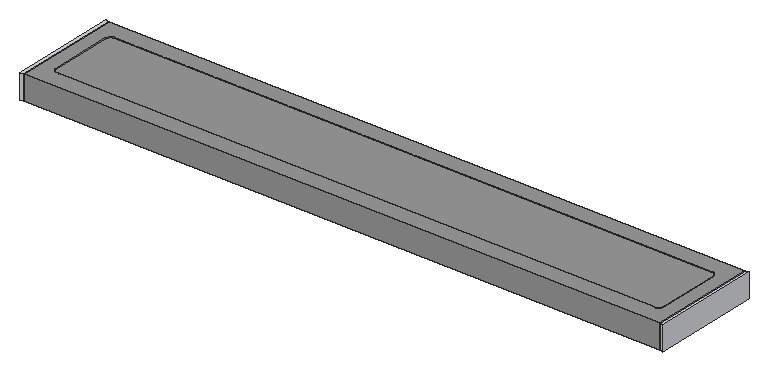
Revit family "0044078 Sylvania Lighting Fixture OPTIX S 1200 MPO D HO 4000K D+EM WHITE", category Lighting Fixtures, host Face, Revit 2016
Family settings
  Host = Face
  Part Type = Normal
  Round Connector Dimension = Use Diameter
  OmniClass Number = 23.80.70.00
  OmniClass Title = Lighting
  Cut with Voids When Loaded = No
  Light Source = Yes
  Shared = No
  Room Calculation Point = No
Parameters (values of type "0044078 OPTIX S 1200 MPO D HO 4K D+EM WHITE")
  spacer height = 5 mm
  spacer centres = 1000 mm
  lens width = 1135 mm
  full length = 1200 mm
  Width = 200 mm
  Weight = "n/a"
  Wattage Comments = ""
  Wattage = 9.2903 W
  WarrantyStartDate [instance] = "n/a"
  WarrantyGuarantorParts = "n/a"
  WarrantyDurationUnit = "n/a"
  WarrantyDurationParts = ""
  WarrantyDescription = "http://www.sylvania-lighting.com"
  built-in parameter 1150110 = 1 (stored number, unit not read)
  Voltage = 0 V
  URL = "0.98"
  TypeName = "OPTIX S 1200 MPO D HO 4000K D+EM WHITE"
  Type Image = <None>
  Type Comments = "n/a"
  built-in parameter 1114217 = 1 (stored number, unit not read)
  Tilt Angle = 90.00°
  built-in parameter 1150109 = 1 (stored number, unit not read)
  built-in parameter 1150134 = 3
  built-in parameter 1150113 = 1 (stored number, unit not read)
  SerialNumber [instance] = "n/a"
  Photometric Web File = "0044078.ies"
  Material_3_FEILO = none
  PowerFactor = 0
  PowerConsumption = "Lighting"
  NominalLength = 200 mm
  NominalHeight = 0 mm
  NominalDepth = 0 mm
  Name = "OPTIX S 1200 MPO D HO 4000K D+EM WHITE"
  ModelReference = Name  # "OPTIX S 1200 MPO D HO 4000K D+EM WHITE"
  ModelNumber = "0044078"
  Model = Name  # "OPTIX S 1200 MPO D HO 4000K D+EM WHITE"
  Material = "Feilo Sylvania"
  ManufacturerName = "107 lm/W"
  Manufacturer = ""
  LuminousEfficacy = ""
  built-in parameter 1150105 = 109.82 (stored number, unit not read)
  Lumens = 1380 lm
  LuminaireType = "0"
  built-in parameter 1150115 = 1 (stored number, unit not read)
  LightOutputRatio = "LED"
  built-in parameter 1150137 = (empty or 0)
  built-in parameter 1150139 = (empty or 0)
  Lens Width = 135 mm
  Length = 1188 mm
  LampsType = Lamp  # "n/a"
  LampNominalLuminous = "4000 K"
  LampMacAdamStep = "80"
  LampColourTemperature = "LED"
  LampColourRenderingIndex = "16500"
  built-in parameter 1150112 = 1 (stored number, unit not read)
  built-in parameter 1150114 = 1 (stored number, unit not read)
  Lamp = "n/a"
  Keynote = "n/a"
  InstallationDate [instance] = "n/a"
  InputVoltage = "0"
  InputNominalFrequency = "4000"
  built-in parameter 1150132 = (empty or 0)
  built-in parameter 1150102 = (empty or 0)
  built-in parameter 1150107 = 3200 (stored number, unit not read)
  built-in parameter 1150138 = (empty or 0)
  IngressProtection = "IfcLightFixtureType"
  ImpactProtectionIndex = "IfcLightFixtureType"
  built-in parameter 1150106 = 1.0982 (stored number, unit not read)
  IfcExportType = "IfcLightFixtureType"
  IfcExportAs = "Class I"
  Height = 50 mm
  ExpectedLife = 50000
  Emit from Circle Diameter = 609.6 mm
  Emit Shape Visible in Rendering = no
  ElectricShockClassification = "107"
  built-in parameter 1150104 = 13.8 (stored number, unit not read)
  DurationUnit = "hours"
  DocumentationLiterature = "http://www.sylvania-lighting.com/product/en-int/products/0044078"
  DimmingControlOptions = "n/a"
  Material_2_FEILO = none
  Dimming Lamp Color Temperature Shift = <None>
  Description = "OPTIX S 1200 MPO D HO 4K D+EM WHITE is a high efficacy low glare surface or suspended LED Linear luminaire with Micro Prismatic Optic, with direct light distribution, luminaire dimensions: 1200x200x50mm, Sylvania White body colour (RAL9016), IP20, IK07, DALI Dimmable, 3hr maintained emergency version, low LED flicker (+/-5%), Neutral White (4000K) LED Colour Temperature, 3550lm luminous flux, 33W power consumption, 107lm/W system efficacy, CRI>80, SDCM 3 (3-step MacAdam ellipse) LED Colour Consistency, UGR<20, Luminance at 65° < 3000 cd/m2, lumen maintenance: L90B50 at 60000h, photobiological safety risk group 1. Electrical protection Class I."
  Default Elevation = 1219.2 mm
  CreatedOn = "20/10/2020"
  CreatedBy = "@sylvania-lighting.com"
  Cost = 0
  Color Filter = 16777215
  built-in parameter 1114216 [instance] = (empty or 0)
  ClassificationValue = "EF_70_80"
  ClassificationName = "Uniclass2015"
  Material_1_FEILO = none
  BarCode [instance] = "n/a"
  built-in parameter 1114218 = 1 (stored number, unit not read)
  built-in parameter 1150133 = 10 (stored number, unit not read)
  AssetType = "Fixed"
  AssetIdentifier [instance] = "n/a"
  Assembly Code = "D5020200"
  Apparent Load = 33 VA
  Material_4_FEILO = none
Reference planes
  plane 1 "Center (Front/Back)": y = 0
  plane 2: z = 0
  plane 3 "Center (Left/Right)": x = 0
  plane 4: z = 0
  plane 5: z = 50
  plane 6: y = 100
  plane 7: y = -100
  plane 8: x = -594
  plane 9: x = 594
  plane 10: z = 5
  plane 11: x = -500
  plane 12: x = 500
  plane 13: y = 10
  plane 14: y = -10
  plane 15: x = 487.5
  plane 16: x = 512.5
  plane 17: x = -512.5
  plane 18: x = -487.5
  plane 19: x = -567.5
  plane 20: x = 567.5
  plane 21: y = 67.5
  plane 22: y = -67.5
  plane 23: x = -557.5
  plane 24: y = 57.5
  plane 25: y = -57.5
  plane 26: x = 557.5
  plane 27: x = -600
  plane 28: x = 600
Forms (mm)
  Extrusion 1, solid, material "Aluminum 1100-H18", detail levels medium+fine
    sketch origin (4.2, 0, 0) x (1, 0, 0) y (0, 1, 0)
      loop
        line (-598.2, 100) -> (-598.2, -100) -> (589.8, -100) -> (589.8, 100) -> (-598.2, 100)
    from 5 to 50
  Extrusion 2, solid
    sketch origin (4.2, 0, 0) x (1, 0, 0) y (0, 1, 0)
      loop
        line (483.3, 10) -> (483.3, -10) -> (508.3, -10) -> (508.3, 10) -> (483.3, 10)
    from 0 to 5
  Extrusion 3, solid
    sketch origin (4.2, 0, 0) x (1, 0, 0) y (0, 1, 0)
      loop
        line (-516.7, 10) -> (-516.7, -10) -> (-491.7, -10) -> (-491.7, 10) -> (-516.7, 10)
    from 0 to 5
  Extrusion 4, void, detail levels fine
    sketch origin (4.2, 0, 0) x (0, 1, 0) y (1, 0, 0)
      loop
        line (67.5, -561.7) -> (67.5, 553.3)
        arc (67.5, 553.3) -> (64.571, 560.371) -> (57.5, 563.3) r 10
        line (57.5, 563.3) -> (-57.5, 563.3)
        arc (-57.5, 563.3) -> (-64.571, 560.371) -> (-67.5, 553.3) r 10
        line (-67.5, 553.3) -> (-67.5, -561.7)
        arc (-67.5, -561.7) -> (-64.571, -568.771) -> (-57.5, -571.7) r 10
        line (-57.5, -571.7) -> (57.5, -571.7)
        arc (57.5, -571.7) -> (64.571, -568.771) -> (67.5, -561.7) r 10
    from -50 to -48
  Extrusion 5, solid, detail levels medium+fine
    sketch origin (4.2, 0, 0) x (1, 0, 0) y (0, 1, 0)
      loop
        line (-604.2, 100) -> (-604.2, -100) -> (-598.2, -100) -> (-598.2, 100) -> (-604.2, 100)
    from 5 to 50
  Extrusion 6, solid, detail levels medium+fine
    sketch origin (4.2, 0, 0) x (1, 0, 0) y (0, 1, 0)
      loop
        line (589.8, 100) -> (589.8, -100) -> (595.8, -100) -> (595.8, 100) -> (589.8, 100)
    from 5 to 50
  Extrusion 7, solid, material "Glass, White, High Luminance", detail levels fine
    sketch origin (4.2, 0, 0) x (1, 0, 0) y (0, 1, 0)
      loop
        arc (-561.7, 67.5) -> (-568.771, 64.571) -> (-571.7, 57.5) r 10
        line (-571.7, 57.5) -> (-571.7, -57.5)
        arc (-571.7, -57.5) -> (-568.771, -64.571) -> (-561.7, -67.5) r 10
        line (-561.7, -67.5) -> (553.3, -67.5)
        arc (553.3, -67.5) -> (560.371, -64.571) -> (563.3, -57.5) r 10
        line (563.3, -57.5) -> (563.3, 57.5)
        arc (563.3, 57.5) -> (560.371, 64.571) -> (553.3, 67.5) r 10
        line (553.3, 67.5) -> (-561.7, 67.5)
    from 48 to 49.5
  Extrusion 8, solid, detail levels coarse
    sketch origin (4.2, 0, 0) x (1, 0, 0) y (0, 1, 0)
      loop
        line (-604.2, 100) -> (-604.2, -100) -> (595.8, -100) -> (595.8, 100) -> (-604.2, 100)
    from 0 to 50
Cuts and joins
  Extrusion 4 cuts Extrusion 2
  Extrusion 4 cuts Extrusion 3
  Extrusion 4 cuts Extrusion 1
Dimensions and locks
  "Width": plane 6 to plane 7
  equal spacing: plane 6, plane 1 "Center (Front/Back)", plane 7
  "Length": plane 8 to plane 9
  equal spacing: plane 8, plane 3 "Center (Left/Right)", plane 9
  "spacer height": plane 10 to host face
  "Height": plane 5 to level
  "spacer centres": plane 11 to plane 12
  equal spacing: plane 11, plane 3 "Center (Left/Right)", plane 12
  "lens width": plane 19 to plane 20
  equal spacing: plane 19, plane 3 "Center (Left/Right)", plane 20
  "Lens Width": plane 21 to plane 22
  equal spacing: plane 21, plane 1 "Center (Front/Back)", plane 22
  "full length": plane 27 to plane 28
  equal spacing: plane 27, plane 3 "Center (Left/Right)", plane 28
  aligned and locked: plane 2 to host face
  aligned and locked: level to host face
Automatic sketch dimensions
  host sketch curve to host sketch curve = 2438.4 mm  (x2)
  Extrusion 1 sketch curve to plane 7 = 0 mm
  Extrusion 1 sketch curve to plane 8 = 0 mm
  Extrusion 1 sketch curve to plane 9 = 0 mm
  Extrusion 1 sketch curve to plane 6 = 0 mm
  Extrusion 2 sketch curve to plane 14 = 0 mm
  Extrusion 2 sketch curve to plane 15 = 0 mm
  Extrusion 2 sketch curve to plane 16 = 0 mm
  Extrusion 2 sketch curve to plane 13 = 0 mm
  Extrusion 3 sketch curve to plane 14 = 0 mm
  Extrusion 3 sketch curve to plane 17 = 0 mm
  Extrusion 3 sketch curve to plane 18 = 0 mm
  Extrusion 3 sketch curve to plane 13 = 0 mm
  Extrusion 4 sketch curve to plane 22 = 0 mm
  Extrusion 4 sketch curve to plane 19 = 0 mm
  Extrusion 4 sketch curve to plane 25 = 0 mm  (x2)
  Extrusion 4 sketch curve to plane 20 = 0 mm
  Extrusion 4 sketch curve to plane 24 = 0 mm  (x2)
  Extrusion 4 sketch curve to plane 23 = 0 mm
  Extrusion 5 sketch curve to plane 7 = 0 mm
  Extrusion 5 sketch curve to plane 27 = 0 mm
  Extrusion 5 sketch curve to plane 8 = 0 mm
  Extrusion 5 sketch curve to plane 6 = 0 mm
  Extrusion 6 sketch curve to plane 7 = 0 mm
  Extrusion 6 sketch curve to plane 9 = 0 mm
  Extrusion 6 sketch curve to plane 28 = 0 mm
  Extrusion 6 sketch curve to plane 6 = 0 mm
  Extrusion 7 sketch curve to plane 23 = 0 mm  (x2)
  Extrusion 7 sketch curve to plane 21 = 0 mm
  Extrusion 7 sketch curve to plane 22 = 0 mm
  Extrusion 7 sketch curve to plane 26 = 0 mm  (x2)
  Extrusion 7 sketch curve to plane 20 = 0 mm
  Extrusion 7 sketch curve to plane 24 = 0 mm
  Extrusion 8 sketch curve to plane 7 = 0 mm
  Extrusion 8 sketch curve to plane 27 = 0 mm
  Extrusion 8 sketch curve to plane 28 = 0 mm
  Extrusion 8 sketch curve to plane 6 = 0 mm
Connectors
  electrical at (0, 0, 0), driven by "Apparent Load", driven by "PowerFactor", driven by "Voltage"
    settings: index 1, voltage 0 V, apparent load 33 VA, apparent load phase1 0 VA, apparent load phase2 0 VA, apparent load phase3 0 VA, power factor 0, load classification "Lighting", number of poles 1, system type 30, power factor state 1, is connector primary yes, connector utility no, sub classification motor no, connector description ""
